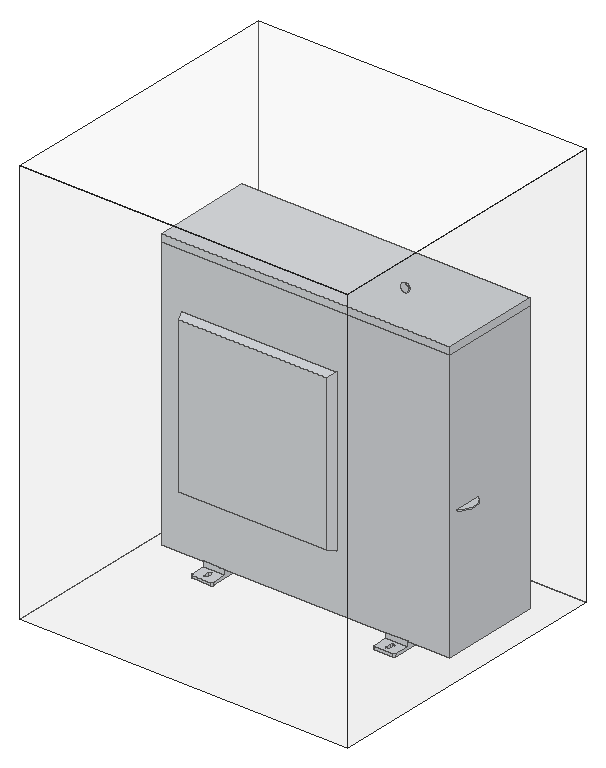
Revit family "puz-zrmp80280hka14_60hz", category 機械設備, Revit 2019
Family settings
  丸型コネクタ寸法 = 直径を使用
  パーツ タイプ = 標準
  OmniClass 番号 = 23.75.10.24.21.27.27
  OmniClass タイトル = Split System Air Conditioning Units
  作業面ベース = いいえ
  常に垂直 = はい
  ロード時にボイドで切り取り = いいえ
  共有 = いいえ
  部屋計算ポイント = いいえ
Parameters (values of type "室外機_PUZ-ZRMP112KA14 (-BS_BSG)")
  音響パワーレベル_冷房 (dB) = 68
  音響パワーレベル_暖房 (dB) = 70
  音響パワーレベル(dB) = [音響パワーレベル_暖房 (dB)]  # 70
  電源種別 = ""
  電源位置Y = 2 mm
  電源位置Z = 1063 mm
  電源位置X = 325 mm
  電圧 = 200 V
  電動機出力_送風機 = 0.12 kW
  電動機出力_圧縮機 = 2.1 kW
  集中コントローラ [instance] = ""
  運転質量 = 0.00 kg
  運転方法 = "冷暖切替"
  質量 = if(製品質量 > 運転質量, 製品質量, 運転質量) * 1.2  # 118.80 kg
  負荷分類 = 1_熱源類
  説明 = "空冷H/P PAC インバータ室外機"
  設計暖房能力 [instance] = 0 kW
  設計冷房能力_顕熱 [instance] = 0 kW
  設計冷房能力 [instance] = 0 kW
  設置方法 = "床置形"
  記号 [instance] = ""
  製造元 = "三菱電機株式会社"
  製品質量 = 99.00 kg
  製品出荷対象 = "国内"
  製品リリース年月 = ""
  製品グループ = ""
  系統 [instance] = ""
  符号 = "PAC"
  積算_科目 = "1 空気調和設備"
  積算_拾い区分 [instance] = ""
  相 = 3
  盤記号 [instance] = ""
  発停方法 = "付属スイッチ"
  特殊仕様 [instance] = ""
  消費電力_暖房 = 2.67 kW
  消費電力_冷房 = 2.43 kW
  消費電力 = if(消費電力_冷房 > 消費電力_暖房, 消費電力_冷房, 消費電力_暖房)  # 2.67 kW
  法定耐用年数 = "6"
  構成品番 = "PUZ-ZRMP112KA14 (-BS,-BSG)"
  極数 = 3
  材質 [instance] = ""
  本体マテリアル = none
  最小電線太さ_mm2 = 5.5
  最大電流値 = 0 A
  暖房能力 = 11.2 kW
  推奨ブレーカー容量 = 30 A
  据付ピッチ1 = 0 mm
  形式 = "パッケージ形 室外機"
  形名 = PUZ-ZRMP-2 : PUZ-ZRMP-2
  幹線記号 [instance] = ""
  始動方式 = "インバータ始動方式"
  呼称 = "パッケージ形空気調和機_室外機"
  周波数 = 60 Hz
  価格 = 0
  ドレン　位置Z = 23 mm
  ドレン　位置Y = 176 mm
  ドレン　位置X = 45 mm
  アンカーボルト位置Y = 370 mm
  アンカーボルト位置X = 600 mm
  参照している仕様書等のバージョン = "公共建築物標準仕様書（機械設備工事編）平成31年度版"
  分類コード = "5.0053E+13"
  分類グループ = ""
  冷房能力 = 10 kW
  冷媒管（ガス）位置X = 483 mm
  冷媒管（液）位置X = 423 mm
  冷媒管（液）位置Y = 290 mm
  冷媒管（ガス）位置Y = 234 mm
  冷媒管長 [instance] = 0 mm
  冷媒管径符号 = "Bd"
  冷媒管径 = 100.00 mm
  冷媒管位置Z = 450 mm
  冷媒管位置Y = (冷媒管（液）位置Y + 冷媒管（ガス）位置Y) / 2  # 262 mm
  冷媒管位置X = (冷媒管（液）位置X + 冷媒管（ガス）位置X) / 2  # 453 mm
  冷媒液管径 = 9.52 mm
  冷媒ガス管径 = 15.88 mm
  企業コード = "108420"
  付属品 [instance] = ""
  仕様書バージョン = "Version1.0"
  ユニット数 = 1
  ユニット3 = yes
  ユニット2 = yes
  Model = ""
  ドレン管径 = 33.00 mm
  サービススペース = yes
  コメント [instance] = ""
  ケーブル種類1 = ""
  【値が 0 の項目は組合せ形名にてご確認ください】 = ""
  Width = 1050 mm
  Version = ""
  Uniclass2015Version = "Systems v1.9"
  Uniclass2015Title = "Split coil remote air cooled condensing units"
  Uniclass2015Code = "Pr_70_65_03_84"
  URL = "https://www.mitsubishielectric.co.jp/ldg/wink/ssl/top.do"
  SpecificationReference = ""
  SpecificationDescription = ""
  Revision = ""
  ProductInformation = ""
  OmniClassCode = "23-33 17 13 11"
  IfcTypeProduct = ""
  IfcProduct = ""
  IfcExportType = "AIRCONDITIONINGUNIT"
  IfcExportAs = "IfcUnitaryEquipmentType"
  Height = 1338 mm
  Depth = 330 mm
  Clearance Top = 0 mm
  Clearance Right = 15 mm
  Clearance Left = 15 mm
  Clearance Front = 500 mm
  Clearance Bottom = 0 mm
  Clearance Back = 150 mm
  COP = 0
  Author = "三菱電機株式会社"
  APF = 0
Reference planes
  plane 1 "中心(正面/背面)": y = 74
  plane 2: z = 0
  plane 3 "中心(左/右)": x = 830
  plane 4 "右": x = 1355
  plane 5 "左": x = 305
  plane 6 "背面": y = 239
  plane 7 "正面": y = -91
  plane 8 "上部": z = 1338
  plane 9 "Clearanse Top": z = 1338
  plane 10 "SS_back": y = 389
  plane 11 "SS_front": y = -591
  plane 12 "SS_left": x = 290
  plane 13 "SS_right": x = 1370
  plane 14: z = 0
  plane 15: y = -89
  plane 16: x = 1155
  plane 17: z = 1063
  plane 18: y = -87
  plane 19: y = -23
  plane 20: x = 1283
  plane 21: z = 450
  plane 22: z = 452
  plane 23: y = 63
  plane 24: x = 350
  plane 25: z = 25
  plane 26: z = 23
  plane 27: x = 530
  plane 28: x = 1130
  plane 29: y = 259
  plane 30: y = -111
Forms (mm)
  Extrusion 1, solid, detail levels fine
    sketch origin (0, -91, 0) x (1, 0, 0) y (0, 0, 1)
      loop
        circle (1155, 1063) r 13.5
    from -4 to -2
  Extrusion 2, solid, detail levels fine
    sketch origin (-1437.329, -1524, 54) x (-1, 0, 0) y (0, -1, 0)
      loop
        circle (-2720.329, -1501) r 50
    from 396 to 398
  Extrusion 3, solid, detail levels fine
    sketch origin (-1437.329, -1524, 54) x (-1, 0, 0) y (0, -1, 0)
      loop
        circle (-1787.329, -1587) r 16.5
    from -31 to -29
Lines and regions (mm)
  model lines, not visible
    curve 1: line (460, 178.667, 1289.179) -> (460, 297.73, 1289.179)
    curve 2: line (460, 178.667, 1056.056) -> (460, 178.667, 1289.179)
    curve 3: line (460, 297.73, 1056.056) -> (460, 178.667, 1056.056)
    curve 4: line (460, 297.73, 1289.179) -> (460, 297.73, 1056.056)
    curve 5: line (460, 47.598, 1289.179) -> (460, 166.661, 1289.179)
    curve 6: line (460, 47.598, 1056.056) -> (460, 47.598, 1289.179)
    curve 7: line (460, 166.661, 1056.056) -> (460, 47.598, 1056.056)
    curve 8: line (460, 166.661, 1289.179) -> (460, 166.661, 1056.056)
    curve 9: line (460, -83.471, 1289.179) -> (460, 35.592, 1289.179)
    curve 10: line (460, -83.471, 1056.056) -> (460, -83.471, 1289.179)
    curve 11: line (460, 35.592, 1056.056) -> (460, -83.471, 1056.056)
    curve 12: line (460, 35.592, 1289.179) -> (460, 35.592, 1056.056)
    curve 13: line (460, -150.779, 1289.179) -> (460, -95.75, 1289.179)
    curve 14: line (460, -150.779, 1056.056) -> (460, -150.779, 1289.179)
    curve 15: line (460, -95.75, 1056.056) -> (460, -150.779, 1056.056)
    curve 16: line (460, -95.75, 1289.179) -> (460, -95.75, 1056.056)
    curve 17: line (460, -150.779, 1283.175) -> (460, -132.596, 1283.175)
    curve 18: line (460, -150.779, 1062.059) -> (460, -150.779, 1283.175)
    curve 19: line (460, -132.596, 1062.059) -> (460, -150.779, 1062.059)
    curve 20: line (460, -132.596, 1283.175) -> (460, -132.596, 1062.059)
    curve 21: line (460, 178.667, 1046.051) -> (460, 297.73, 1046.051)
    curve 22: line (460, 178.667, 812.928) -> (460, 178.667, 1046.051)
    curve 23: line (460, 297.73, 812.928) -> (460, 178.667, 812.928)
    curve 24: line (460, 297.73, 1046.051) -> (460, 297.73, 812.928)
    curve 25: line (460, 47.598, 1046.051) -> (460, 166.661, 1046.051)
    curve 26: line (460, 47.598, 812.928) -> (460, 47.598, 1046.051)
    curve 27: line (460, 166.661, 812.928) -> (460, 47.598, 812.928)
    curve 28: line (460, 166.661, 1046.051) -> (460, 166.661, 812.928)
    curve 29: line (460, -83.471, 1046.051) -> (460, 35.592, 1046.051)
    curve 30: line (460, -83.471, 812.928) -> (460, -83.471, 1046.051)
    curve 31: line (460, 35.592, 812.928) -> (460, -83.471, 812.928)
    curve 32: line (460, 35.592, 1046.051) -> (460, 35.592, 812.928)
    curve 33: line (460, -150.779, 1046.051) -> (460, -95.75, 1046.051)
    curve 34: line (460, -150.779, 812.928) -> (460, -150.779, 1046.051)
    curve 35: line (460, -95.75, 812.928) -> (460, -150.779, 812.928)
    curve 36: line (460, -95.75, 1046.051) -> (460, -95.75, 812.928)
    curve 37: line (460, -150.779, 1040.048) -> (460, -132.596, 1040.048)
    curve 38: line (460, -150.779, 818.931) -> (460, -150.779, 1040.048)
    curve 39: line (460, -132.596, 818.931) -> (460, -150.779, 818.931)
    curve 40: line (460, -132.596, 1040.048) -> (460, -132.596, 818.931)
    curve 41: line (460, 178.667, 802.923) -> (460, 297.73, 802.923)
    curve 42: line (460, 178.667, 569.8) -> (460, 178.667, 802.923)
    curve 43: line (460, 297.73, 569.8) -> (460, 178.667, 569.8)
    curve 44: line (460, 297.73, 802.923) -> (460, 297.73, 569.8)
    curve 45: line (460, 47.598, 802.923) -> (460, 166.661, 802.923)
    curve 46: line (460, 47.598, 569.8) -> (460, 47.598, 802.923)
    curve 47: line (460, 166.661, 569.8) -> (460, 47.598, 569.8)
    curve 48: line (460, 166.661, 802.923) -> (460, 166.661, 569.8)
    curve 49: line (460, -83.471, 802.923) -> (460, 35.592, 802.923)
    curve 50: line (460, -83.471, 569.8) -> (460, -83.471, 802.923)
    curve 51: line (460, 35.592, 569.8) -> (460, -83.471, 569.8)
    curve 52: line (460, 35.592, 802.923) -> (460, 35.592, 569.8)
    curve 53: line (460, -150.779, 802.923) -> (460, -95.75, 802.923)
    curve 54: line (460, -150.779, 569.8) -> (460, -150.779, 802.923)
    curve 55: line (460, -95.75, 569.8) -> (460, -150.779, 569.8)
    curve 56: line (460, -95.75, 802.923) -> (460, -95.75, 569.8)
    curve 57: line (460, -150.779, 796.92) -> (460, -132.596, 796.92)
    curve 58: line (460, -150.779, 575.803) -> (460, -150.779, 796.92)
    curve 59: line (460, -132.596, 575.803) -> (460, -150.779, 575.803)
    curve 60: line (460, -132.596, 796.92) -> (460, -132.596, 575.803)
    curve 61: line (460, 178.667, 559.795) -> (460, 297.73, 559.795)
    curve 62: line (460, 178.667, 326.672) -> (460, 178.667, 559.795)
    curve 63: line (460, 297.73, 326.672) -> (460, 178.667, 326.672)
    curve 64: line (460, 297.73, 559.795) -> (460, 297.73, 326.672)
    curve 65: line (460, 47.598, 559.795) -> (460, 166.661, 559.795)
    curve 66: line (460, 47.598, 326.672) -> (460, 47.598, 559.795)
    curve 67: line (460, 166.661, 326.672) -> (460, 47.598, 326.672)
    curve 68: line (460, 166.661, 559.795) -> (460, 166.661, 326.672)
    curve 69: line (460, -83.471, 559.795) -> (460, 35.592, 559.795)
    curve 70: line (460, -83.471, 326.672) -> (460, -83.471, 559.795)
    curve 71: line (460, 35.592, 326.672) -> (460, -83.471, 326.672)
    curve 72: line (460, 35.592, 559.795) -> (460, 35.592, 326.672)
    curve 73: line (460, -150.779, 559.795) -> (460, -95.75, 559.795)
    curve 74: line (460, -150.779, 326.672) -> (460, -150.779, 559.795)
    curve 75: line (460, -95.75, 326.672) -> (460, -150.779, 326.672)
    curve 76: line (460, -95.75, 559.795) -> (460, -95.75, 326.672)
    curve 77: line (460, -150.779, 553.792) -> (460, -132.596, 553.792)
    curve 78: line (460, -150.779, 332.675) -> (460, -150.779, 553.792)
    curve 79: line (460, -132.596, 332.675) -> (460, -150.779, 332.675)
    curve 80: line (460, -132.596, 553.792) -> (460, -132.596, 332.675)
    curve 81: line (460, 178.667, 316.667) -> (460, 297.73, 316.667)
    curve 82: line (460, 178.667, 83.544) -> (460, 178.667, 316.667)
    curve 83: line (460, 297.73, 83.544) -> (460, 178.667, 83.544)
    curve 84: line (460, 297.73, 316.667) -> (460, 297.73, 83.544)
    curve 85: line (460, 47.598, 316.667) -> (460, 166.661, 316.667)
    curve 86: line (460, 47.598, 83.544) -> (460, 47.598, 316.667)
    curve 87: line (460, 166.661, 83.544) -> (460, 47.598, 83.544)
    curve 88: line (460, 166.661, 316.667) -> (460, 166.661, 83.544)
    curve 89: line (460, -83.471, 316.667) -> (460, 35.592, 316.667)
    curve 90: line (460, -83.471, 83.544) -> (460, -83.471, 316.667)
    curve 91: line (460, 35.592, 83.544) -> (460, -83.471, 83.544)
    curve 92: line (460, 35.592, 316.667) -> (460, 35.592, 83.544)
    curve 93: line (460, -150.779, 316.667) -> (460, -95.75, 316.667)
    curve 94: line (460, -150.779, 83.544) -> (460, -150.779, 316.667)
    curve 95: line (460, -95.75, 83.544) -> (460, -150.779, 83.544)
    curve 96: line (460, -95.75, 316.667) -> (460, -95.75, 83.544)
    curve 97: line (460, -150.779, 310.664) -> (460, -132.596, 310.664)
    curve 98: line (460, -150.779, 89.547) -> (460, -150.779, 310.664)
    curve 99: line (460, -132.596, 89.547) -> (460, -150.779, 89.547)
    curve 100: line (460, -132.596, 310.664) -> (460, -132.596, 89.547)
Dimensions and locks
  equal spacing: plane 7 "正面", plane 1 "中心(正面/背面)", plane 6 "背面"
  "Depth": plane 7 "正面" to plane 6 "背面"
  "Width": plane 5 "左" to plane 4 "右"
  equal spacing: plane 5 "左", plane 3 "中心(左/右)", plane 4 "右"
  "Clearance Left": plane 12 "SS_left" to plane 5 "左"
  "Clearance Right": plane 4 "右" to plane 13 "SS_right"
  "Clearance Back": plane 6 "背面" to plane 10 "SS_back"
  "Clearance Front": plane 11 "SS_front" to plane 7 "正面"
  "Height": plane 8 "上部" to level
  "Clearance Top": plane 9 "Clearanse Top" to plane 8 "上部"
  "Clearance Bottom": level to plane 14
  "電源位置X": plane 3 "中心(左/右)" to plane 16
  "電源位置Y": plane 7 "正面" to plane 15
  "電源位置Z": plane 17 to level
  locked: plane 15 to plane 18 at 2
  "冷媒管位置X": plane 3 "中心(左/右)" to plane 20
  "冷媒管位置Y": plane 19 to plane 6 "背面"
  "冷媒管位置Z": plane 21 to level
  locked: plane 22 to plane 21 at 2
  "ドレン　位置X": plane 5 "左" to plane 24
  "ドレン　位置Y": plane 23 to plane 6 "背面"
  locked: plane 25 to plane 26 at 2
  "ドレン　位置Z": plane 26 to level
  equal spacing: plane 30, plane 1 "中心(正面/背面)", plane 29
  "アンカーボルト位置Y": plane 30 to plane 29
  equal spacing: plane 27, plane 3 "中心(左/右)", plane 28
  "アンカーボルト位置X": plane 27 to plane 28
  radius of Extrusion 1 sketch curve = 13.5 mm
  "冷媒管径": diameter of Extrusion 2 sketch curve
  "ドレン管径": diameter of Extrusion 3 sketch curve
  aligned and locked: level to plane 2
  aligned and locked: plane 10 "SS_back" to nested 1  (x2)
  aligned and locked: plane 13 "SS_right" to nested 1
  aligned and locked: plane 12 "SS_left" to nested 1  (x2)
  aligned and locked: nested 1 to plane 13 "SS_right"
  aligned and locked: plane 11 "SS_front" to nested 1
  aligned and locked: plane 9 "Clearanse Top" to nested 1
  aligned and locked: plane 1 "中心(正面/背面)" to nested 2
  aligned and locked: plane 3 "中心(左/右)" to nested 2
  aligned and locked: plane 14 to nested 1
  aligned and locked: plane 17 to Extrusion 1 sketch curve
  aligned and locked: plane 16 to Extrusion 1 sketch curve
  aligned and locked: Extrusion 1 to plane 18
  aligned and locked: plane 15 to Extrusion 1
  aligned and locked: plane 19 to Extrusion 2 sketch curve
  aligned and locked: plane 20 to Extrusion 2 sketch curve
  aligned and locked: plane 22 to Extrusion 2
  aligned and locked: Extrusion 2 to plane 21
  aligned and locked: plane 24 to Extrusion 3 sketch curve
  aligned and locked: plane 23 to Extrusion 3 sketch curve
  aligned and locked: plane 25 to Extrusion 3
  aligned and locked: Extrusion 3 to plane 26
  aligned and locked: plane 27 to nested 3
  aligned and locked: plane 29 to nested 3
Nested families
  nested 1: "サービススペース" at (830, -101, 669), visible <- "サービススペース", type "サービススペース"
    with Width 1080 mm, Height 1338 mm, Depth 980 mm
  nested 2: "PUZ-ZRMP-2" at (830, 74, 0), type <- "形名", type "PUZ-ZRMP-2"
  nested 3: "固定点" at (530, -111, 0), type "固定点"
    with W 600 mm, D 370 mm
Connectors
  piping at (1283, -23, 450), diameter 100, driven by "冷媒管径", driven by "冷媒管径符号"
    settings: on Extrusion 2, index 1, connector inside diameter 609.60 mm, connector length 0 mm, flow factor 0, pipe flow 0.0 L/s, pressure drop 0.0 Pa, fitting loss kfactor 0, connector angle 0.00°, fixture units 0, engagement length 0 mm, angle of deflection 0.00°, flow configuration 1, flow direction 2, fitting loss method 4, system type 7, joint type 0, gender type 0, connector reference index -1, connector utility 0, adjustable connector no, is connector primary yes, connector description "Bd"
  electrical at (1155, -89, 1063), driven by "極数", driven by "負荷分類", driven by "電圧", driven by "消費電力"
    settings: on Extrusion 1, index 2, voltage 200 V, apparent load 2670 VA, apparent load phase1 0 VA, apparent load phase2 0 VA, apparent load phase3 0 VA, power factor 1, load classification "1_熱源類", number of poles 3, system type 30, power factor state 1, is connector primary yes, connector utility no, sub classification motor no, connector description ""
Definition of nested family "サービススペース"
  Parameters (values of type "サービススペース")
    Width [instance] = 500 mm
    Height [instance] = 500 mm
    Depth [instance] = 500 mm
  Reference planes
    plane 1 "中心(正面/背面)": y = 0
    plane 2: z = 0
    plane 3 "中心(左/右)": x = 0
    plane 4: y = -250
    plane 5: x = 250
    plane 6: y = 250
    plane 7: x = -250
    plane 8: z = 250
    plane 9: z = -250
  Forms (mm)
    Extrusion 1, solid
      sketch origin (-638.939, 0, 72.39) x (1, 0, 0) y (0, 1, 0)
        loop
          line (388.939, 250) -> (388.939, -250) -> (888.939, -250) -> (888.939, 250) -> (388.939, 250)
      from -322.39 to 177.61
  Lines and regions (mm)
    symbolic lines
      curve 1: line (-250, 0, 250) -> (250, 0, 250)
      curve 2: line (-250, 0, -250) -> (-250, 0, 250)
      curve 3: line (250, 0, -250) -> (-250, 0, -250)
      curve 4: line (250, 0, 250) -> (250, 0, -250)
      curve 5: line (0, -250, 250) -> (0, 250, 250)
      curve 6: line (0, -250, -250) -> (0, -250, 250)
      curve 7: line (0, 250, -250) -> (0, -250, -250)
      curve 8: line (0, 250, 250) -> (0, 250, -250)
      curve 9: line (-250, 250, 0) -> (250, 250, 0)
      curve 10: line (-250, -250, 0) -> (-250, 250, 0)
      curve 11: line (250, -250, 0) -> (-250, -250, 0)
      curve 12: line (250, 250, 0) -> (250, -250, 0)
  Dimensions and locks
    equal spacing: plane 7, plane 3 "中心(左/右)", plane 5
    equal spacing: plane 4, plane 1 "中心(正面/背面)", plane 6
    "Depth": plane 4 to plane 6
    "Width": plane 7 to plane 5
    equal spacing: plane 8, plane 2, plane 9
    "Height": plane 8 to plane 9
    aligned and locked: plane 9 to curve 3
    aligned and locked: plane 7 to curve 2
    aligned and locked: curve 4 to plane 5
    aligned and locked: plane 5 to Extrusion 1
    aligned and locked: Extrusion 1 to plane 7
    aligned and locked: Extrusion 1 to plane 9
    aligned and locked: plane 8 to Extrusion 1
    aligned and locked: plane 9 to curve 7
  Automatic sketch dimensions
    plane 4 to Extrusion 1 sketch curve = 0 mm
    Extrusion 1 sketch curve to plane 7 = 0 mm
    Extrusion 1 sketch curve to plane 5 = 0 mm
    plane 6 to Extrusion 1 sketch curve = 0 mm
    curve 2 to plane 8 = 0 mm
    plane 4 to curve 11 = 0 mm
    curve 11 to plane 7 = 0 mm
    curve 11 to plane 5 = 0 mm
    plane 6 to curve 10 = 0 mm
    curve 7 to plane 4 = 0 mm
    curve 7 to plane 6 = 0 mm
    curve 6 to plane 8 = 0 mm
Definition of nested family "PUZ-ZRMP-2"
  Parameters (values of type "PUZ-ZRMP-2")
    配線取出口サイズ = 27 mm
    配線取出口-Z = 669 mm
    配線取出口-Y = 325 mm
    配線取出口-X = 275 mm
    液配管サイズ = 100 mm
    高さ = 943 mm
    換気-W = 322 mm
    換気-H2 = 632 mm
    換気-H1 = 473 mm
    換気-D = 25 mm
    奥行き = 330 mm
    吊りボルト_H = 0 mm
    吊りボルト-φ = 12 mm
    冷媒配管サイズ = 9.52 mm
    冷媒液管径-Z = 447 mm
    冷媒液管径-Y = 290 mm
    冷媒液管径-X = 377 mm
    冷媒ガス管径-Z = 431 mm
    冷媒ガス管径-Y = 229 mm
    冷媒ガス管径-X = 434 mm
    吊りボルト-W = 600 mm
    マテリアル = none
    ドレン配管サイズ = 33 mm
    ドレン管径-Z = 0 mm
    ドレン管径-Y = 219 mm
    ドレン管径-X = 445 mm
    タイプ3 = no
    タイプ2 = yes
    タイプ1 = no
    ガス配管サイズ = 15.88 mm
    吊りボルト-D = 370 mm
    幅さ = 950 mm
    a = 幅さ / 2  # 475 mm
  Reference planes
    plane 1 "中心(正面/背面)": y = 0
    plane 2: z = 0
    plane 3 "中心(左/右)": x = 0
    plane 4: z = 943
    plane 5: x = -475
    plane 6: x = 475
    plane 7: y = 165
    plane 8: y = -165
    plane 9: x = 537
    plane 10: y = -105
    plane 11: y = 5
    plane 12: z = 918
    plane 13: x = -495
    plane 14: x = -300
    plane 15: x = 300
    plane 16: y = 185
    plane 17: y = -185
    plane 18: x = 335
    plane 19: x = 265
    plane 20: x = -265
    plane 21: x = -335
    plane 22: y = 204
    plane 23: y = -218
    plane 24: z = 8.5
    plane 25: z = 25
    plane 26: z = 23
    plane 27: x = -185
    plane 28: x = 170
    plane 29: z = 938
    plane 30: y = -40
    plane 31: y = 40
    plane 32: y = -30
    plane 33: y = 30
    plane 34: z = 923
    plane 35: z = 55
    plane 36: z = 225
    plane 37: z = 570
    plane 38: x = 485
    plane 39: x = 506
    plane 40: y = -190
    plane 41: x = -153
    plane 42: z = 473
    plane 43: x = 101
    plane 44: x = -407
    plane 45: z = 737
    plane 46: z = 209
    plane 47: x = -397
    plane 48: x = 91
    plane 49: z = 727
    plane 50: z = 219
    plane 51: y = 115
    plane 52: y = -115
    plane 53: y = 54
    plane 54: x = 434
    plane 55: x = 275
    plane 56: y = -160
    plane 57: y = -125
    plane 58: y = -64
    plane 59: x = 377
    plane 60: z = 431
    plane 61: z = 447
    plane 62: z = 669
    plane 63: y = -110
    plane 64: z = 531
    plane 65: z = 547
    plane 66: x = 405.5
    plane 67: y = -94.5
    plane 68 "グループ": x = -475
    plane 69: z = 1338
    plane 70: z = 943
    plane 71: z = 1105
    plane 72: z = 1369
    plane 73: z = 841
    plane 74: z = 1359
    plane 75: z = 851
    plane 76: x = -445
    plane 77: y = 135
    plane 78: x = -225
    plane 79: x = -80
    plane 80: x = 65
    plane 81: x = 210
  Forms (mm)
    Extrusion 1, solid, visible <- "タイプ2", detail levels fine
      sketch origin (-1437.329, -1524, 943) x (-1, 0, 0) y (0, -1, 0)
        loop
          line (-1102.329, -1689) -> (-1102.329, -1359) -> (-1172.329, -1359) -> (-1172.329, -1689) -> (-1102.329, -1689)
        loop
          line (-1702.329, -1689) -> (-1702.329, -1359) -> (-1772.329, -1359) -> (-1772.329, -1689) -> (-1702.329, -1689)
      from -943 to -918
    Extrusion 2, solid, material <- "マテリアル", visible <- "タイプ2", detail levels fine
      sketch origin (-1437.329, -1524, 943) x (-1, 0, 0) y (0, -1, 0)
        loop
          line (-1912.329, -1689) -> (-962.329, -1689) -> (-962.329, -1359) -> (-1912.329, -1359) -> (-1912.329, -1689)
      from -918 to -25
    Extrusion 3, solid, material <- "マテリアル", visible <- "タイプ2", detail levels fine
      sketch origin (-1437.329, -1524, 943) x (-1, 0, 0) y (0, -1, 0)
        loop
          line (-962.329, -1689) -> (-962.329, -1359) -> (-1912.329, -1359) -> (-1912.329, -1689) -> (-962.329, -1689)
      from -25 to 0
    Blend 4, solid, material <- "マテリアル", visible <- "タイプ2", detail levels fine
      base sketch origin (0, 0, 0) x (1, 0, 0) y (0, 0, 1)
        loop
          line (-407, 737) -> (-407, 209) -> (101, 209) -> (101, 737) -> (-407, 737)
      top sketch origin (0, 0, 0) x (1, 0, 0) y (0, 0, 1)
        loop
          line (-397, 727) -> (-397, 219) -> (91, 219) -> (91, 727) -> (-397, 727)
      from 165 to 190
    Extrusion 5, solid, material <- "マテリアル", visible <- "タイプ2", detail levels fine
      sketch origin (-1437.329, -1524, 943) x (-1, 0, 0) y (0, -1, 0)
        loop
          circle (-1871.329, -1460) r 7.94
      from -512 to -412
    Extrusion 6, solid, material <- "マテリアル", visible <- "タイプ2", detail levels fine
      sketch origin (-1437.329, -1524, 943) x (-1, 0, 0) y (0, -1, 0)
        loop
          circle (-1814.329, -1399) r 4.76
      from -496 to -396
    Extrusion 7, solid, material <- "マテリアル", visible <- "タイプ2", detail levels fine
      sketch origin (1480.036, -190, 1200) x (1, 0, 0) y (0, 0, 1)
        loop
          circle (-1205.036, -531) r 13.5
      from -80 to -30
    Extrusion 8, solid, material <- "マテリアル", visible <- "タイプ2", detail levels fine
      sketch origin (-1437.329, -1524, 943) x (-1, 0, 0) y (0, -1, 0)
        loop
          circle (-1842.829, -1429.5) r 50
      from -496 to -396
    Extrusion 9, solid, visible <- "タイプ2", detail levels fine
      sketch origin (-1437.329, -1524, 943) x (-1, 0, 0) y (0, -1, 0)
        loop
          line (-1102.329, -1728) -> (-1102.329, -1689) -> (-1172.329, -1689) -> (-1172.329, -1728) -> (-1143.329, -1728) -> (-1143.329, -1709)
          arc (-1143.329, -1709) -> (-1137.329, -1703) -> (-1131.329, -1709) r 6
          line (-1131.329, -1709) -> (-1131.329, -1728) -> (-1102.329, -1728)
        loop
          line (-1102.329, -1359) -> (-1102.329, -1311)
          arc (-1102.329, -1311) -> (-1103.794, -1307.464) -> (-1107.329, -1306) r 5
          line (-1107.329, -1306) -> (-1167.329, -1306)
          arc (-1167.329, -1306) -> (-1170.865, -1307.464) -> (-1172.329, -1311) r 5
          line (-1172.329, -1311) -> (-1172.329, -1359) -> (-1102.329, -1359)
        loop
          arc (-1143.329, -1339) -> (-1137.329, -1345) -> (-1131.329, -1339) r 6
          line (-1131.329, -1339) -> (-1131.329, -1324)
          arc (-1131.329, -1324) -> (-1137.329, -1318) -> (-1143.329, -1324) r 6
          line (-1143.329, -1324) -> (-1143.329, -1339)
        loop
          line (-1772.329, -1728) -> (-1743.329, -1728) -> (-1743.329, -1709)
          arc (-1743.329, -1709) -> (-1737.329, -1703) -> (-1731.329, -1709) r 6
          line (-1731.329, -1709) -> (-1731.329, -1728) -> (-1702.329, -1728) -> (-1702.329, -1689) -> (-1772.329, -1689) -> (-1772.329, -1728)
        loop
          line (-1772.329, -1359) -> (-1702.329, -1359) -> (-1702.329, -1311)
          arc (-1702.329, -1311) -> (-1703.794, -1307.464) -> (-1707.329, -1306) r 5
          line (-1707.329, -1306) -> (-1767.329, -1306)
          arc (-1767.329, -1306) -> (-1770.865, -1307.464) -> (-1772.329, -1311) r 5
          line (-1772.329, -1311) -> (-1772.329, -1359)
        loop
          line (-1731.329, -1339) -> (-1731.329, -1324)
          arc (-1731.329, -1324) -> (-1737.329, -1318) -> (-1743.329, -1324) r 6
          line (-1743.329, -1324) -> (-1743.329, -1339)
          arc (-1743.329, -1339) -> (-1737.329, -1345) -> (-1731.329, -1339) r 6
      from -943 to -934.5
    Extrusion 10, solid, material <- "マテリアル", visible <- "タイプ2", detail levels fine
      sketch origin (-1437.329, -1524, 943) x (-1, 0, 0) y (0, -1, 0)
        loop
          circle (-992.329, -1578) r 16.5
        loop
          circle (-1212.329, -1659) r 16.5
        loop
          circle (-1357.329, -1659) r 16.5
        loop
          circle (-1502.329, -1659) r 16.5
        loop
          circle (-1647.329, -1659) r 16.5
      from -920 to -918
  Cuts and joins
    joined: Extrusion 1, Extrusion 9
  Lines and regions (mm)
    Masking region 1, visible <- "タイプ2", detail levels coarse+medium
      outline origin (-1437.329, -1524, 943) x (-1, 0, 0) y (0, -1, 0)
        loop
          line (-1912.329, -1689) -> (-1772.329, -1689) -> (-1772.329, -1728) -> (-1702.329, -1728) -> (-1702.329, -1689) -> (-1172.329, -1689) -> (-1172.329, -1728) -> (-1102.329, -1728) -> (-1102.329, -1689) -> (-962.329, -1689) -> (-962.329, -1359) -> (-1030.329, -1359) -> (-1040.329, -1334) -> (-1102.329, -1334) -> (-1102.329, -1306) -> (-1172.329, -1306) -> (-1172.329, -1334) -> (-1528.329, -1334) -> (-1538.329, -1359) -> (-1702.329, -1359) -> (-1702.329, -1306) -> (-1772.329, -1306) -> (-1772.329, -1359) -> (-1912.329, -1359) -> (-1912.329, -1689)
    model lines, visible <- "タイプ2", detail levels fine
      curve 1: line (395, 115, 943) -> (-395, 115, 943)
      curve 2: line (-395, -115, 943) -> (395, -115, 943)
      curve 3: line (-395, -45, 943) -> (395, -45, 943)
      curve 4: line (395, 45, 943) -> (-395, 45, 943)
      curve 5: line (-395, -35, 943) -> (395, -35, 943)
      curve 6: line (395, 35, 943) -> (-395, 35, 943)
      curve 7: line (-395, 115, 943) -> (-395, 45, 943)
      curve 8: line (395, -115, 943) -> (395, -45, 943)
      curve 9: line (-395, 35, 943) -> (-395, -35, 943)
      curve 10: line (-395, -45, 943) -> (-395, -115, 943)
      curve 11: line (395, -35, 943) -> (395, 35, 943)
      curve 12: line (395, 45, 943) -> (395, 115, 943)
      curve 13: line (425, -115, 943) -> (425, 115, 943)
      curve 14: line (410, -115, 943) -> (410, 115, 943)
      curve 15: line (-425, 115, 943) -> (-425, -115, 943)
      curve 16: line (-410, 115, 943) -> (-410, -115, 943)
      curve 17: line (-410, 115, 943) -> (-425, 115, 943)
      curve 18: line (-410, -115, 943) -> (-425, -115, 943)
      curve 19: line (410, 115, 943) -> (425, 115, 943)
      curve 20: line (410, -115, 943) -> (425, -115, 943)
      curve 21: line (-397, -190, 520.5) -> (91, -190, 520.5)
      curve 22: line (91, -190, 425.5) -> (-397, -190, 425.5)
      curve 23: line (-397, -190, 615.5) -> (91, -190, 615.5)
      curve 24: line (-397, -190, 710.5) -> (91, -190, 710.5)
      curve 25: line (91, -190, 330.5) -> (-397, -190, 330.5)
      curve 26: line (91, -190, 235.5) -> (-397, -190, 235.5)
      curve 27: line (-379.571, -190, 727) -> (-379.571, -190, 219)
      curve 28: line (73.571, -190, 219) -> (73.571, -190, 727)
      curve 29: line (-362.143, -190, 727) -> (-362.143, -190, 219)
      curve 30: line (-344.714, -190, 727) -> (-344.714, -190, 219)
      curve 31: line (-327.286, -190, 727) -> (-327.286, -190, 219)
      curve 32: line (-309.857, -190, 727) -> (-309.857, -190, 219)
      curve 33: line (-292.429, -190, 727) -> (-292.429, -190, 219)
      curve 34: line (-275, -190, 727) -> (-275, -190, 219)
      curve 35: line (-257.571, -190, 727) -> (-257.571, -190, 219)
      curve 36: line (-240.143, -190, 727) -> (-240.143, -190, 219)
      curve 37: line (-222.714, -190, 727) -> (-222.714, -190, 219)
      curve 38: line (-205.286, -190, 727) -> (-205.286, -190, 219)
      curve 39: line (-187.857, -190, 727) -> (-187.857, -190, 219)
      curve 40: line (-170.429, -190, 727) -> (-170.429, -190, 219)
      curve 41: line (-153, -190, 727) -> (-153, -190, 219)
      curve 42: line (-135.571, -190, 727) -> (-135.571, -190, 219)
      curve 43: line (-118.143, -190, 727) -> (-118.143, -190, 219)
      curve 44: line (-100.714, -190, 727) -> (-100.714, -190, 219)
      curve 45: line (-83.286, -190, 727) -> (-83.286, -190, 219)
      curve 46: line (-65.857, -190, 727) -> (-65.857, -190, 219)
      curve 47: line (-48.429, -190, 727) -> (-48.429, -190, 219)
      curve 48: line (-31, -190, 727) -> (-31, -190, 219)
      curve 49: line (-13.571, -190, 727) -> (-13.571, -190, 219)
      curve 50: line (3.857, -190, 727) -> (3.857, -190, 219)
      curve 51: line (21.286, -190, 727) -> (21.286, -190, 219)
      curve 52: line (38.714, -190, 727) -> (38.714, -190, 219)
      curve 53: line (56.143, -190, 727) -> (56.143, -190, 219)
      curve 54: line (-475, -100, 33.5) -> (-475, -60, 33.5)
      curve 55: line (-475, -100, 73.5) -> (-475, -100, 33.5)
      curve 56: line (-475, -60, 73.5) -> (-475, -100, 73.5)
      curve 57: line (-475, -60, 33.5) -> (-475, -60, 73.5)
      curve 58: line (-475, 60, 33.5) -> (-475, 100, 33.5)
      curve 59: line (-475, 60, 73.5) -> (-475, 60, 33.5)
      curve 60: line (-475, 100, 73.5) -> (-475, 60, 73.5)
      curve 61: line (-475, 100, 33.5) -> (-475, 100, 73.5)
      curve 62: line (-475, -46.667, 33.5) -> (-475, -6.667, 33.5)
      curve 63: line (-475, -46.667, 73.5) -> (-475, -46.667, 33.5)
      curve 64: line (-475, -6.667, 73.5) -> (-475, -46.667, 73.5)
      curve 65: line (-475, -6.667, 33.5) -> (-475, -6.667, 73.5)
      curve 66: line (-475, 6.667, 33.5) -> (-475, 46.667, 33.5)
      curve 67: line (-475, 6.667, 73.5) -> (-475, 6.667, 33.5)
      curve 68: line (-475, 46.667, 73.5) -> (-475, 6.667, 73.5)
      curve 69: line (-475, 46.667, 33.5) -> (-475, 46.667, 73.5)
      curve 70: line (-475, -100, 87) -> (-475, -60, 87)
      curve 71: line (-475, -100, 277) -> (-475, -100, 87)
      curve 72: line (-475, -60, 277) -> (-475, -100, 277)
      curve 73: line (-475, -60, 87) -> (-475, -60, 277)
      curve 74: line (-475, -100, 292) -> (-475, -60, 292)
      curve 75: line (-475, -100, 482) -> (-475, -100, 292)
      curve 76: line (-475, -60, 482) -> (-475, -100, 482)
      curve 77: line (-475, -60, 292) -> (-475, -60, 482)
      curve 78: line (-475, -100, 497) -> (-475, -60, 497)
      curve 79: line (-475, -100, 687) -> (-475, -100, 497)
      curve 80: line (-475, -60, 687) -> (-475, -100, 687)
      curve 81: line (-475, -60, 497) -> (-475, -60, 687)
      curve 82: line (-475, -100, 702) -> (-475, -60, 702)
      curve 83: line (-475, -100, 892) -> (-475, -100, 702)
      curve 84: line (-475, -60, 892) -> (-475, -100, 892)
      curve 85: line (-475, -60, 702) -> (-475, -60, 892)
      curve 86: line (-475, 60, 87) -> (-475, 100, 87)
      curve 87: line (-475, 60, 277) -> (-475, 60, 87)
      curve 88: line (-475, 100, 277) -> (-475, 60, 277)
      curve 89: line (-475, 100, 87) -> (-475, 100, 277)
      curve 90: line (-475, -46.667, 87) -> (-475, -6.667, 87)
      curve 91: line (-475, -46.667, 277) -> (-475, -46.667, 87)
      curve 92: line (-475, -6.667, 277) -> (-475, -46.667, 277)
      curve 93: line (-475, -6.667, 87) -> (-475, -6.667, 277)
      curve 94: line (-475, 6.667, 87) -> (-475, 46.667, 87)
      curve 95: line (-475, 6.667, 277) -> (-475, 6.667, 87)
      curve 96: line (-475, 46.667, 277) -> (-475, 6.667, 277)
      curve 97: line (-475, 46.667, 87) -> (-475, 46.667, 277)
      curve 98: line (-475, 60, 292) -> (-475, 100, 292)
      curve 99: line (-475, 60, 482) -> (-475, 60, 292)
      curve 100: line (-475, 100, 482) -> (-475, 60, 482)
      curve 101: line (-475, 100, 292) -> (-475, 100, 482)
      curve 102: line (-475, 60, 702) -> (-475, 100, 702)
      curve 103: line (-475, 60, 892) -> (-475, 60, 702)
      curve 104: line (-475, 100, 892) -> (-475, 60, 892)
      curve 105: line (-475, 100, 702) -> (-475, 100, 892)
      curve 106: line (-475, -46.667, 292) -> (-475, -6.667, 292)
      curve 107: line (-475, -46.667, 482) -> (-475, -46.667, 292)
      curve 108: line (-475, -6.667, 482) -> (-475, -46.667, 482)
      curve 109: line (-475, -6.667, 292) -> (-475, -6.667, 482)
      curve 110: line (-475, -46.667, 497) -> (-475, -6.667, 497)
      curve 111: line (-475, -46.667, 687) -> (-475, -46.667, 497)
      curve 112: line (-475, -6.667, 687) -> (-475, -46.667, 687)
      curve 113: line (-475, -6.667, 497) -> (-475, -6.667, 687)
      curve 114: line (-475, -46.667, 702) -> (-475, -6.667, 702)
      curve 115: line (-475, -46.667, 892) -> (-475, -46.667, 702)
      curve 116: line (-475, -6.667, 892) -> (-475, -46.667, 892)
      curve 117: line (-475, -6.667, 702) -> (-475, -6.667, 892)
      curve 118: line (-475, 6.667, 292) -> (-475, 46.667, 292)
      curve 119: line (-475, 6.667, 482) -> (-475, 6.667, 292)
      curve 120: line (-475, 46.667, 482) -> (-475, 6.667, 482)
      curve 121: line (-475, 46.667, 292) -> (-475, 46.667, 482)
      curve 122: line (-475, 6.667, 497) -> (-475, 46.667, 497)
      curve 123: line (-475, 6.667, 687) -> (-475, 6.667, 497)
      curve 124: line (-475, 46.667, 687) -> (-475, 6.667, 687)
      curve 125: line (-475, 46.667, 497) -> (-475, 46.667, 687)
      curve 126: line (-475, 6.667, 702) -> (-475, 46.667, 702)
      curve 127: line (-475, 6.667, 892) -> (-475, 6.667, 702)
      curve 128: line (-475, 46.667, 892) -> (-475, 6.667, 892)
      curve 129: line (-475, 46.667, 702) -> (-475, 46.667, 892)
    model lines, visible <- "タイプ3", not visible
      curve 130: line (-404.5, -100, 907) -> (-404.5, -60, 907)
      curve 131: line (-404.5, -100, 1097) -> (-404.5, -100, 907)
      curve 132: line (-404.5, -60, 1097) -> (-404.5, -100, 1097)
      curve 133: line (-404.5, -60, 907) -> (-404.5, -60, 1097)
      curve 134: line (-404.5, 60, 907) -> (-404.5, 100, 907)
      curve 135: line (-404.5, 60, 1097) -> (-404.5, 60, 907)
      curve 136: line (-404.5, 100, 1097) -> (-404.5, 60, 1097)
      curve 137: line (-404.5, 100, 907) -> (-404.5, 100, 1097)
      curve 138: line (-404.5, -46.667, 907) -> (-404.5, -6.667, 907)
      curve 139: line (-404.5, -46.667, 1097) -> (-404.5, -46.667, 907)
      curve 140: line (-404.5, -6.667, 1097) -> (-404.5, -46.667, 1097)
      curve 141: line (-404.5, -6.667, 907) -> (-404.5, -6.667, 1097)
      curve 142: line (-404.5, 6.667, 907) -> (-404.5, 46.667, 907)
      curve 143: line (-404.5, 6.667, 1097) -> (-404.5, 6.667, 907)
      curve 144: line (-404.5, 46.667, 1097) -> (-404.5, 6.667, 1097)
      curve 145: line (-404.5, 46.667, 907) -> (-404.5, 46.667, 1097)
      curve 146: line (-404.5, -100, 1112) -> (-404.5, -60, 1112)
      curve 147: line (-404.5, -100, 1302) -> (-404.5, -100, 1112)
      curve 148: line (-404.5, -60, 1302) -> (-404.5, -100, 1302)
      curve 149: line (-404.5, -60, 1112) -> (-404.5, -60, 1302)
      curve 150: line (-404.5, 60, 1112) -> (-404.5, 100, 1112)
      curve 151: line (-404.5, 60, 1302) -> (-404.5, 60, 1112)
      curve 152: line (-404.5, 100, 1302) -> (-404.5, 60, 1302)
      curve 153: line (-404.5, 100, 1112) -> (-404.5, 100, 1302)
      curve 154: line (-404.5, -46.667, 1112) -> (-404.5, -6.667, 1112)
      curve 155: line (-404.5, -46.667, 1302) -> (-404.5, -46.667, 1112)
      curve 156: line (-404.5, -6.667, 1302) -> (-404.5, -46.667, 1302)
      curve 157: line (-404.5, -6.667, 1112) -> (-404.5, -6.667, 1302)
      curve 158: line (-404.5, 6.667, 1112) -> (-404.5, 46.667, 1112)
      curve 159: line (-404.5, 6.667, 1302) -> (-404.5, 6.667, 1112)
      curve 160: line (-404.5, 46.667, 1302) -> (-404.5, 6.667, 1302)
      curve 161: line (-404.5, 46.667, 1112) -> (-404.5, 46.667, 1302)
    model lines, visible <- "タイプ2", not visible
      curve 162: line (-600, -100, 33.5) -> (-600, -60, 33.5)
      curve 163: line (-600, -100, 73.5) -> (-600, -100, 33.5)
      curve 164: line (-600, -60, 73.5) -> (-600, -100, 73.5)
      curve 165: line (-600, -60, 33.5) -> (-600, -60, 73.5)
      curve 166: line (-600, 60, 33.5) -> (-600, 100, 33.5)
      curve 167: line (-600, 60, 73.5) -> (-600, 60, 33.5)
      curve 168: line (-600, 100, 73.5) -> (-600, 60, 73.5)
      curve 169: line (-600, 100, 33.5) -> (-600, 100, 73.5)
      curve 170: line (-509, -46.667, 33.5) -> (-509, -6.667, 33.5)
      curve 171: line (-509, -46.667, 73.5) -> (-509, -46.667, 33.5)
      curve 172: line (-509, -6.667, 73.5) -> (-509, -46.667, 73.5)
      curve 173: line (-509, -6.667, 33.5) -> (-509, -6.667, 73.5)
      curve 174: line (-509, 6.667, 33.5) -> (-509, 46.667, 33.5)
      curve 175: line (-509, 6.667, 73.5) -> (-509, 6.667, 33.5)
      curve 176: line (-509, 46.667, 73.5) -> (-509, 6.667, 73.5)
      curve 177: line (-509, 46.667, 33.5) -> (-509, 46.667, 73.5)
    model lines, visible <- "タイプ2", not visible, detail levels fine
      curve 178: line (-475, -100, 87) -> (-475, -60, 87)
      curve 179: line (-475, -100, 277) -> (-475, -100, 87)
      curve 180: line (-475, -60, 277) -> (-475, -100, 277)
      curve 181: line (-475, -60, 87) -> (-475, -60, 277)
      curve 182: line (-475, -100, 292) -> (-475, -60, 292)
      curve 183: line (-475, -100, 482) -> (-475, -100, 292)
      curve 184: line (-475, -60, 482) -> (-475, -100, 482)
      curve 185: line (-475, -60, 292) -> (-475, -60, 482)
      curve 186: line (-475, -100, 497) -> (-475, -60, 497)
      curve 187: line (-475, -100, 687) -> (-475, -100, 497)
      curve 188: line (-475, -60, 687) -> (-475, -100, 687)
      curve 189: line (-475, -60, 497) -> (-475, -60, 687)
      curve 190: line (-475, -100, 702) -> (-475, -60, 702)
      curve 191: line (-475, -100, 892) -> (-475, -100, 702)
      curve 192: line (-475, -60, 892) -> (-475, -100, 892)
      curve 193: line (-475, -60, 702) -> (-475, -60, 892)
      curve 194: line (-475, 60, 87) -> (-475, 100, 87)
      curve 195: line (-475, 60, 277) -> (-475, 60, 87)
      curve 196: line (-475, 100, 277) -> (-475, 60, 277)
      curve 197: line (-475, 100, 87) -> (-475, 100, 277)
      curve 198: line (-475, -46.667, 87) -> (-475, -6.667, 87)
      curve 199: line (-475, -46.667, 277) -> (-475, -46.667, 87)
      curve 200: line (-475, -6.667, 277) -> (-475, -46.667, 277)
      curve 201: line (-475, -6.667, 87) -> (-475, -6.667, 277)
      curve 202: line (-475, 6.667, 87) -> (-475, 46.667, 87)
      curve 203: line (-475, 6.667, 277) -> (-475, 6.667, 87)
      curve 204: line (-475, 46.667, 277) -> (-475, 6.667, 277)
      curve 205: line (-475, 46.667, 87) -> (-475, 46.667, 277)
      curve 206: line (-475, 60, 292) -> (-475, 100, 292)
      curve 207: line (-475, 60, 482) -> (-475, 60, 292)
      curve 208: line (-475, 100, 482) -> (-475, 60, 482)
      curve 209: line (-475, 100, 292) -> (-475, 100, 482)
      curve 210: line (-475, 60, 702) -> (-475, 100, 702)
      curve 211: line (-475, 60, 892) -> (-475, 60, 702)
      curve 212: line (-475, 100, 892) -> (-475, 60, 892)
      curve 213: line (-475, 100, 702) -> (-475, 100, 892)
      curve 214: line (-475, -46.667, 292) -> (-475, -6.667, 292)
      curve 215: line (-475, -46.667, 482) -> (-475, -46.667, 292)
      curve 216: line (-475, -6.667, 482) -> (-475, -46.667, 482)
      curve 217: line (-475, -6.667, 292) -> (-475, -6.667, 482)
      curve 218: line (-475, -46.667, 497) -> (-475, -6.667, 497)
      curve 219: line (-475, -46.667, 687) -> (-475, -46.667, 497)
      curve 220: line (-475, -6.667, 687) -> (-475, -46.667, 687)
      curve 221: line (-475, -6.667, 497) -> (-475, -6.667, 687)
      curve 222: line (-475, -46.667, 702) -> (-475, -6.667, 702)
      curve 223: line (-475, -46.667, 892) -> (-475, -46.667, 702)
      curve 224: line (-475, -6.667, 892) -> (-475, -46.667, 892)
      curve 225: line (-475, -6.667, 702) -> (-475, -6.667, 892)
      curve 226: line (-475, 6.667, 292) -> (-475, 46.667, 292)
      curve 227: line (-475, 6.667, 482) -> (-475, 6.667, 292)
      curve 228: line (-475, 46.667, 482) -> (-475, 6.667, 482)
      curve 229: line (-475, 46.667, 292) -> (-475, 46.667, 482)
      curve 230: line (-475, 6.667, 497) -> (-475, 46.667, 497)
      curve 231: line (-475, 6.667, 687) -> (-475, 6.667, 497)
      curve 232: line (-475, 46.667, 687) -> (-475, 6.667, 687)
      curve 233: line (-475, 46.667, 497) -> (-475, 46.667, 687)
      curve 234: line (-475, 6.667, 702) -> (-475, 46.667, 702)
      curve 235: line (-475, 6.667, 892) -> (-475, 6.667, 702)
      curve 236: line (-475, 46.667, 892) -> (-475, 6.667, 892)
      curve 237: line (-475, 46.667, 702) -> (-475, 46.667, 892)
      curve 271: line (-475, -100, 33.5) -> (-475, -60, 33.5)
      curve 272: line (-475, -100, 73.5) -> (-475, -100, 33.5)
      curve 273: line (-475, -60, 73.5) -> (-475, -100, 73.5)
      curve 274: line (-475, -60, 33.5) -> (-475, -60, 73.5)
      curve 275: line (-475, 60, 33.5) -> (-475, 100, 33.5)
      curve 276: line (-475, 60, 73.5) -> (-475, 60, 33.5)
      curve 277: line (-475, 100, 73.5) -> (-475, 60, 73.5)
      curve 278: line (-475, 100, 33.5) -> (-475, 100, 73.5)
      curve 279: line (-475, -46.667, 33.5) -> (-475, -6.667, 33.5)
      curve 280: line (-475, -46.667, 73.5) -> (-475, -46.667, 33.5)
      curve 281: line (-475, -6.667, 73.5) -> (-475, -46.667, 73.5)
      curve 282: line (-475, -6.667, 33.5) -> (-475, -6.667, 73.5)
      curve 283: line (-475, 6.667, 33.5) -> (-475, 46.667, 33.5)
      curve 284: line (-475, 6.667, 73.5) -> (-475, 6.667, 33.5)
      curve 285: line (-475, 46.667, 73.5) -> (-475, 6.667, 73.5)
      curve 286: line (-475, 46.667, 33.5) -> (-475, 46.667, 73.5)
    model lines, not visible
      curve 238: line (-338.5, -173.2, 372.5) -> (149.5, -173.2, 372.5)
      curve 239: line (149.5, -173.2, 277.5) -> (-338.5, -173.2, 277.5)
      curve 240: line (-338.5, -173.2, 467.5) -> (149.5, -173.2, 467.5)
      curve 241: line (-338.5, -173.2, 562.5) -> (149.5, -173.2, 562.5)
      curve 242: line (149.5, -173.2, 182.5) -> (-338.5, -173.2, 182.5)
      curve 243: line (149.5, -173.2, 87.5) -> (-338.5, -173.2, 87.5)
      curve 244: line (-321.071, -173.2, 579) -> (-321.071, -173.2, 71)
      curve 245: line (132.071, -173.2, 71) -> (132.071, -173.2, 579)
      curve 246: line (-303.643, -173.2, 579) -> (-303.643, -173.2, 71)
      curve 247: line (-286.214, -173.2, 579) -> (-286.214, -173.2, 71)
      curve 248: line (-268.786, -173.2, 579) -> (-268.786, -173.2, 71)
      curve 249: line (-251.357, -173.2, 579) -> (-251.357, -173.2, 71)
      curve 250: line (-233.929, -173.2, 579) -> (-233.929, -173.2, 71)
      curve 251: line (-216.5, -173.2, 579) -> (-216.5, -173.2, 71)
      curve 252: line (-199.071, -173.2, 579) -> (-199.071, -173.2, 71)
      curve 253: line (-181.643, -173.2, 579) -> (-181.643, -173.2, 71)
      curve 254: line (-164.214, -173.2, 579) -> (-164.214, -173.2, 71)
      curve 255: line (-146.786, -173.2, 579) -> (-146.786, -173.2, 71)
      curve 256: line (-129.357, -173.2, 579) -> (-129.357, -173.2, 71)
      curve 257: line (-111.929, -173.2, 579) -> (-111.929, -173.2, 71)
      curve 258: line (-94.5, -173.2, 579) -> (-94.5, -173.2, 71)
      curve 259: line (-77.071, -173.2, 579) -> (-77.071, -173.2, 71)
      curve 260: line (-59.643, -173.2, 579) -> (-59.643, -173.2, 71)
      curve 261: line (-42.214, -173.2, 579) -> (-42.214, -173.2, 71)
      curve 262: line (-24.786, -173.2, 579) -> (-24.786, -173.2, 71)
      curve 263: line (-7.357, -173.2, 579) -> (-7.357, -173.2, 71)
      curve 264: line (10.071, -173.2, 579) -> (10.071, -173.2, 71)
      curve 265: line (27.5, -173.2, 579) -> (27.5, -173.2, 71)
      curve 266: line (44.929, -173.2, 579) -> (44.929, -173.2, 71)
      curve 267: line (62.357, -173.2, 579) -> (62.357, -173.2, 71)
      curve 268: line (79.786, -173.2, 579) -> (79.786, -173.2, 71)
      curve 269: line (97.214, -173.2, 579) -> (97.214, -173.2, 71)
      curve 270: line (114.643, -173.2, 579) -> (114.643, -173.2, 71)
    symbolic lines, visible <- "タイプ2"
      curve 287: line (-351.899, 165, 943) -> (-475, 165, 943)
      curve 288: line (-475, 165, 943) -> (-475, -165, 943)
      curve 289: line (-475, -165, 943) -> (-374.191, -165, 943)
      curve 290: line (-407, -165, 943) -> (-397, -190, 943)
      curve 291: line (-397, -190, 943) -> (-346.98, -190, 943)
      curve 292: line (-335, -190, 943) -> (-335, -218, 943)
      curve 293: line (-335, -218, 943) -> (-265, -218, 943)
      curve 294: line (-265, -218, 943) -> (-265, -190, 943)
      curve 295: line (-346.98, -190, 943) -> (91, -190, 943)
      curve 296: line (91, -190, 943) -> (101, -165, 943)
      curve 297: line (-374.191, -165, 943) -> (302.486, -165, 943)
      curve 298: line (265, -165, 943) -> (265, -218, 943)
      curve 299: line (265, -218, 943) -> (335, -218, 943)
      curve 300: line (335, -218, 943) -> (335, -165, 943)
      curve 301: line (302.486, -165, 943) -> (475, -165, 943)
      curve 302: line (475, -165, 943) -> (475, 165, 943)
      curve 303: line (475, 165, 943) -> (359.548, 165, 943)
      curve 304: line (335, 165, 943) -> (335, 204, 943)
      curve 305: line (335, 204, 943) -> (265, 204, 943)
      curve 306: line (265, 204, 943) -> (265, 165, 943)
      curve 307: line (359.548, 165, 943) -> (-351.899, 165, 943)
      curve 308: line (-265, 165, 943) -> (-265, 204, 943)
      curve 309: line (-265, 204, 943) -> (-335, 204, 943)
      curve 310: line (-335, 204, 943) -> (-335, 165, 943)
      curve 311: line (-395, 115, 943) -> (395, 115, 943)
      curve 312: line (-395, 45, 943) -> (-395, 115, 943)
      curve 313: line (395, 45, 943) -> (-395, 45, 943)
      curve 314: line (395, 115, 943) -> (395, 45, 943)
      curve 315: line (410, 115, 943) -> (425, 115, 943)
      curve 316: line (410, -115, 943) -> (410, 115, 943)
      curve 317: line (425, -115, 943) -> (410, -115, 943)
      curve 318: line (425, 115, 943) -> (425, -115, 943)
      curve 319: line (395, -35, 943) -> (-395, -35, 943)
      curve 320: line (395, 35, 943) -> (395, -35, 943)
      curve 321: line (-395, 35, 943) -> (395, 35, 943)
      curve 322: line (-395, -35, 943) -> (-395, 35, 943)
      curve 323: line (-425, 115, 943) -> (-410, 115, 943)
      curve 324: line (-425, -115, 943) -> (-425, 115, 943)
      curve 325: line (-410, -115, 943) -> (-425, -115, 943)
      curve 326: line (-410, 115, 943) -> (-410, -115, 943)
      curve 327: line (-395, -45, 943) -> (395, -45, 943)
      curve 328: line (-395, -115, 943) -> (-395, -45, 943)
      curve 329: line (395, -115, 943) -> (-395, -115, 943)
      curve 330: line (395, -45, 943) -> (395, -115, 943)
  Dimensions and locks
    equal spacing: plane 8, plane 1 "中心(正面/背面)", plane 7
    "奥行き": plane 8 to plane 7
    equal spacing: plane 5, plane 3 "中心(左/右)", plane 6
    "幅さ": plane 5 to plane 6
    "高さ": plane 4 to level
    locked: plane 6 to plane 9 at 62
    locked: plane 8 to plane 10 at 60
    locked: plane 8 to plane 11 at 170
    locked: plane 4 to plane 12 at 25
    locked: plane 13 to plane 5 at 20
    "吊りボルト-D": plane 17 to plane 16
    equal spacing: plane 17, plane 1 "中心(正面/背面)", plane 16
    equal spacing: plane 14, plane 3 "中心(左/右)", plane 15
    "吊りボルト-W": plane 14 to plane 15
    plane 19 to plane 15 to plane 18 = 35 mm locked, 35 mm locked
    locked: plane 16 to plane 22 at 19
    locked: plane 23 to plane 17 at 33
    locked: plane 24 to level at 8.5
    plane 25 to level = 25 mm
    locked: plane 4 to plane 29 at 5
    plane 7 to plane 1 "中心(正面/背面)" to plane 8 = 165 mm, 165 mm
    plane 31 to plane 1 "中心(正面/背面)" to plane 30 = 40 mm, 40 mm
    plane 33 to plane 1 "中心(正面/背面)" to plane 32 = 30 mm, 30 mm
    locked: plane 34 to plane 12 at 5
    locked: plane 35 to level at 55
    locked: plane 36 to level at 225
    equal spacing: plane 6, plane 39, plane 9
    locked: plane 6 to plane 38 at 10
    locked: plane 28 to plane 19 at 95
    "換気-D": plane 40 to plane 8
    "換気-W": plane 41 to plane 5
    "換気-H1": plane 42 to level
    plane 43 to plane 41 to plane 44 = 254 mm locked, 254 mm locked
    plane 45 to plane 42 to plane 46 = 264 mm locked, 264 mm locked
    locked: plane 43 to plane 48 at 10
    locked: plane 47 to plane 44 at 10
    locked: plane 45 to plane 49 at 10
    locked: plane 50 to plane 46 at 10
    locked: curve 26 to plane 50 at 16.5
    locked: plane 49 to curve 24 at 16.5
    equal spacing: curve 24, curve 23, curve 21, curve 22, curve 25, curve 26
    equal spacing: plane 48, curve 28, curve 53, curve 52, curve 51, curve 50, curve 49, curve 48, curve 47, curve 46, curve 45, curve 44, curve 43, curve 42, curve 41, curve 40, curve 39, curve 38, curve 37, curve 36, curve 35, curve 34, curve 33, curve 32, curve 31, curve 30, curve 29, curve 27, plane 47
    locked: curve 4 to curve 6 at 10
    locked: curve 3 to curve 5 at 10
    locked: plane 51 to plane 7 at 50
    locked: plane 8 to plane 52 at 50
    "ドレン管径-Y": plane 8 to plane 53
    "配線取出口-Y": plane 56 to plane 7
    "冷媒液管径-Y": plane 57 to plane 7
    "冷媒ガス管径-Y": plane 58 to plane 7
    "配線取出口-X": plane 3 "中心(左/右)" to plane 55
    "冷媒ガス管径-X": plane 3 "中心(左/右)" to plane 54
    "冷媒液管径-X": plane 3 "中心(左/右)" to plane 59
    "冷媒液管径-Z": plane 61 to level
    "冷媒ガス管径-Z": plane 60 to level
    "配線取出口-Z": plane 62 to level
    locked: plane 56 to plane 63 at 50
    locked: plane 64 to plane 60 at 100
    locked: plane 65 to plane 61 at 100
    equal spacing: plane 59, plane 66, plane 54
    equal spacing: plane 57, plane 67, plane 58
    "a": plane 68 "グループ" to plane 3 "中心(左/右)"
    plane 70 to level = 943 mm
    plane 69 to level = 1338 mm
    locked: plane 37 to level at 570
    curve 21 to plane 42 to curve 22 = 47.5 mm locked, 47.5 mm locked
    "換気-H2": plane 71 to plane 42
    plane 72 to plane 71 to plane 73 = 264 mm locked, 264 mm locked
    locked: plane 75 to plane 73 at 10
    locked: plane 72 to plane 74 at 10
    plane 48 to plane 47 = 488 mm
    locked: plane 25 to plane 26 at 2
    "ドレン管径-X": plane 76 to plane 3 "中心(左/右)"
    locked: plane 14 to plane 20 at 35
    locked: plane 21 to plane 14 at 35
    plane 76 to plane 78 to plane 79 to plane 80 to plane 81 = 220 mm locked, 145 mm locked, 145 mm locked, 145 mm locked
    locked: plane 53 to plane 77 at 81
    "ガス配管サイズ": diameter of Extrusion 5 sketch curve
    "冷媒配管サイズ": diameter of Extrusion 6 sketch curve
    "配線取出口サイズ": diameter of Extrusion 7 sketch curve
    "液配管サイズ": diameter of Extrusion 8 sketch curve
    "ドレン配管サイズ": diameter of Extrusion 10 sketch curve  (x5)
    aligned and locked: level to plane 2
    aligned and locked: Extrusion 1 to level
    aligned and locked: plane 25 to Extrusion 1
    aligned and locked: Extrusion 2 sketch curve to plane 7
    aligned and locked: Extrusion 2 sketch curve to plane 8
    aligned and locked: Extrusion 2 sketch curve to plane 5
    aligned and locked: Extrusion 2 sketch curve to plane 6
    aligned and locked: Extrusion 2 to plane 25
    aligned and locked: plane 12 to Extrusion 2
    aligned and locked: Extrusion 3 sketch curve to Extrusion 2  (x4)
    aligned and locked: Extrusion 3 to plane 12
    aligned and locked: plane 4 to Extrusion 3
    aligned and locked: Blend 4 sketch curve to plane 45
    aligned and locked: Blend 4 sketch curve to plane 46
    aligned and locked: Blend 4 sketch curve to plane 44
    aligned and locked: Blend 4 sketch curve to plane 43
    aligned and locked: Blend 4 sketch curve to plane 49
    aligned and locked: Blend 4 sketch curve to plane 47
    aligned and locked: Blend 4 sketch curve to plane 48
    aligned and locked: Blend 4 sketch curve to plane 50
    aligned and locked: Blend 4 to plane 8
    aligned and locked: plane 40 to Blend 4
    aligned and locked: curve 17 to plane 51
    aligned and locked: curve 1 to plane 51
    aligned and locked: plane 51 to curve 19
    aligned and locked: curve 18 to plane 52
    aligned and locked: plane 52 to curve 20
    aligned and locked: plane 58 to Extrusion 5 sketch curve
    aligned and locked: plane 54 to Extrusion 5 sketch curve
    aligned and locked: plane 59 to Extrusion 6 sketch curve
    aligned and locked: plane 57 to Extrusion 6 sketch curve
    aligned and locked: plane 62 to Extrusion 7 sketch curve
    aligned and locked: plane 55 to Extrusion 7 sketch curve
    aligned and locked: plane 56 to Extrusion 7
    aligned and locked: Extrusion 7 to plane 63
    aligned and locked: plane 65 to Extrusion 6
    aligned and locked: plane 64 to Extrusion 5
    aligned and locked: Extrusion 6 to plane 61
    aligned and locked: Extrusion 5 to plane 60
    aligned and locked: plane 67 to Extrusion 8 sketch curve
    aligned and locked: plane 66 to Extrusion 8 sketch curve
    aligned and locked: Extrusion 8 to plane 61
    aligned and locked: plane 65 to Extrusion 8
    aligned and locked: plane 22 to Extrusion 9 sketch curve
    aligned and locked: plane 21 to Extrusion 9 sketch curve
    aligned and locked: Extrusion 9 sketch curve to Extrusion 1  (x4)
    aligned and locked: Extrusion 9 sketch curve to plane 23
    aligned and locked: Extrusion 9 sketch curve to plane 20
    aligned and locked: plane 24 to Extrusion 9
    aligned and locked: Extrusion 9 to level
    aligned and locked: plane 25 to Extrusion 10
    aligned and locked: Extrusion 10 to plane 26
    aligned and locked: Masking region 1 sketch curve to Extrusion 3  (x4)
    aligned and locked: Masking region 1 sketch curve to Extrusion 9  (x11)
    aligned and locked: Masking region 1 sketch curve to Blend 4  (x3)
    aligned and locked: Extrusion 9 to Masking region 1 sketch curve
    aligned and locked: plane 76 to Extrusion 10 sketch curve
    aligned and locked: plane 53 to Extrusion 10 sketch curve
    aligned and locked: plane 78 to Extrusion 10 sketch curve
    aligned and locked: plane 79 to Extrusion 10 sketch curve
    aligned and locked: plane 77 to Extrusion 10 sketch curve  (x4)
    aligned and locked: plane 81 to Extrusion 10 sketch curve
    aligned and locked: plane 80 to Extrusion 10 sketch curve
  Automatic sketch dimensions
    plane 7 to Extrusion 1 sketch curve = 0 mm  (x2)
    Extrusion 1 sketch curve to plane 18 = 0 mm
    plane 8 to Extrusion 1 sketch curve = 0 mm  (x2)
    Extrusion 1 sketch curve to plane 19 = 0 mm
    Extrusion 1 sketch curve to plane 20 = 0 mm
    Extrusion 1 sketch curve to plane 21 = 0 mm
    curve 63 to curve 64 = 40 mm
    curve 62 to curve 66 = 13.333 mm
    curve 66 to curve 66 = 40 mm
    curve 62 to curve 69 = 53.333 mm
    curve 62 to curve 64 = 40 mm
    curve 64 to curve 67 = 13.333 mm
    curve 55 to curve 56 = 40 mm
    curve 54 to curve 58 = 120 mm
    curve 58 to curve 58 = 40 mm
    curve 54 to curve 61 = 160 mm
    curve 54 to curve 56 = 40 mm
    curve 58 to curve 59 = 40 mm
    curve 171 to curve 172 = 40 mm
    curve 170 to curve 174 = 13.333 mm
    curve 174 to curve 174 = 40 mm
    curve 170 to curve 177 = 0 mm
    curve 170 to curve 172 = 40 mm
    curve 172 to curve 175 = 0 mm
    curve 163 to curve 164 = 40 mm
    curve 162 to curve 166 = 120 mm
    curve 166 to curve 166 = 40 mm
    curve 162 to curve 169 = 0 mm
    curve 162 to curve 164 = 40 mm
    curve 166 to curve 167 = 40 mm
    curve 25 to plane 47 = 0 mm
    curve 24 to plane 47 = 0 mm
    curve 22 to plane 47 = 0 mm
    curve 23 to plane 47 = 0 mm
    curve 26 to plane 47 = 0 mm
    curve 21 to plane 47 = 0 mm
    curve 24 to plane 48 = 0 mm
    curve 25 to plane 48 = 0 mm
    curve 26 to plane 48 = 0 mm
    curve 23 to plane 48 = 0 mm
    curve 22 to plane 48 = 0 mm
    curve 21 to plane 48 = 0 mm
    curve 37 to plane 50 = 0 mm
    curve 52 to plane 50 = 0 mm
    curve 51 to plane 50 = 0 mm
    curve 50 to plane 50 = 0 mm
    curve 49 to plane 50 = 0 mm
    curve 48 to plane 50 = 0 mm
    curve 47 to plane 50 = 0 mm
    curve 46 to plane 50 = 0 mm
    curve 45 to plane 50 = 0 mm
    curve 44 to plane 50 = 0 mm
    curve 43 to plane 50 = 0 mm
